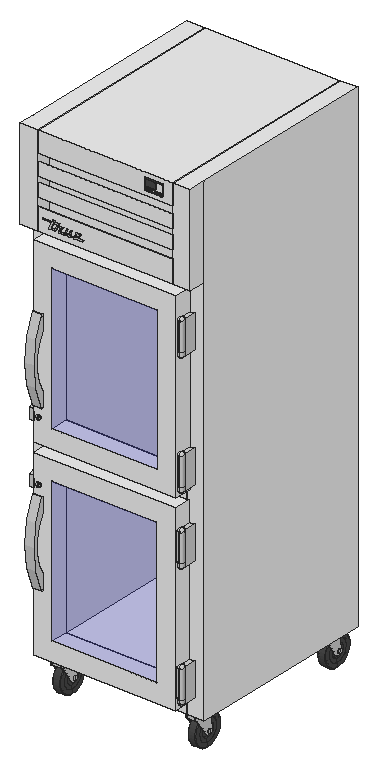
Revit family (continued)
Automatic sketch dimensions
  level to Extrusion 27 sketch curve = 2.59003"
  Extrusion 27 sketch curve to Extrusion 27 sketch curve = 0.59966"  (x2)
  plane 1 "BACK" to Extrusion 27 sketch curve = 3.8577"
  plane 1 "BACK" to Extrusion 27 sketch curve = 1.8585"
  plane 1 "BACK" to Extrusion 27 sketch curve = 1.1077"
  Extrusion 27 sketch curve to Extrusion 27 sketch curve = 0.32905"
  Extrusion 27 sketch curve to Extrusion 27 sketch curve = 0.60485"  (x2)
  Extrusion 28 sketch curve to plane 7 = 0.63926"  (x2)
  Extrusion 28 sketch curve to plane 5 "FRONT" = 3.79864"
  Extrusion 28 sketch curve to Extrusion 28 sketch curve = 1/4"  (x2)
  level to Extrusion 28 sketch curve = 2.18736"  (x2)
  Extrusion 28 sketch curve to Extrusion 28 sketch curve = 1.7492"
  Extrusion 28 sketch curve to Extrusion 28 sketch curve = 0.50669"  (x2)
  Extrusion 28 sketch curve to Extrusion 28 sketch curve = 2 1/2"
  level to Extrusion 28 sketch curve = 2.59003"
  Extrusion 28 sketch curve to Extrusion 28 sketch curve = 0.59966"  (x2)
  plane 1 "BACK" to Extrusion 28 sketch curve = 3.8577"
  plane 1 "BACK" to Extrusion 28 sketch curve = 1.8585"
  plane 1 "BACK" to Extrusion 28 sketch curve = 1.1077"
  Extrusion 28 sketch curve to Extrusion 28 sketch curve = 0.32905"
  Extrusion 28 sketch curve to Extrusion 28 sketch curve = 0.60485"  (x2)
  Revolve 29 sketch curve to plane 7 = 0.62954"
  Revolve 29 sketch curve to plane 4 "RIGHT" = 4.14082"
  Revolve 29 sketch curve to Revolve 29 sketch curve = 1.29707"
  Revolve 29 sketch curve to Revolve 29 sketch curve = 0"
  Revolve 29 sketch curve to Revolve 29 sketch curve = 0.10278"
  Revolve 29 sketch curve to plane 7 = 0.00141"
  plane 7 to Revolve 29 sketch curve = 0.26768"
  Revolve 30 sketch curve to level = 0"
  Revolve 30 sketch curve to plane 7 = 0"
  Revolve 30 sketch curve to plane 4 "RIGHT" = 4.17713"
  level to Revolve 30 sketch curve = 1"
  Revolve 30 sketch curve to plane 4 "RIGHT" = 3 19/32"
  Revolve 30 sketch curve to Revolve 30 sketch curve = 1/4"
  Revolve 30 sketch curve to Revolve 30 sketch curve = 1/2"
  Revolve 30 sketch curve to Revolve 30 sketch curve = 0"
  Revolve 30 sketch curve to Revolve 30 sketch curve = 5/8"
  plane 7 to Revolve 30 sketch curve = 1 25/32"
  Revolve 31 sketch curve to level = 0"
  Revolve 31 sketch curve to plane 7 = 0"
  Revolve 31 sketch curve to plane 4 "RIGHT" = 4.17713"
  level to Revolve 31 sketch curve = 1"
  Revolve 31 sketch curve to plane 4 "RIGHT" = 3 19/32"
  Revolve 31 sketch curve to Revolve 31 sketch curve = 1/4"
  Revolve 31 sketch curve to Revolve 31 sketch curve = 1/2"
  Revolve 31 sketch curve to Revolve 31 sketch curve = 0"
  Revolve 31 sketch curve to Revolve 31 sketch curve = 5/8"
  plane 7 to Revolve 31 sketch curve = 1 25/32"
  Revolve 32 sketch curve to plane 7 = 0.62954"
  Revolve 32 sketch curve to plane 4 "RIGHT" = 4.14082"
  Revolve 32 sketch curve to Revolve 32 sketch curve = 1.29707"
  Revolve 32 sketch curve to Revolve 32 sketch curve = 0"
  Revolve 32 sketch curve to Revolve 32 sketch curve = 0.10278"
  Revolve 32 sketch curve to plane 7 = 0.00141"
  plane 7 to Revolve 32 sketch curve = 0.26768"
  Extrusion 33 sketch curve to plane 7 = 0.63926"  (x2)
  Extrusion 33 sketch curve to plane 5 "FRONT" = 3.79864"
  Extrusion 33 sketch curve to Extrusion 33 sketch curve = 1/4"  (x2)
  Extrusion 33 sketch curve to Extrusion 33 sketch curve = 2 1/2"
  Extrusion 33 sketch curve to plane 7 = 0.93273"  (x2)
  Extrusion 33 sketch curve to Extrusion 33 sketch curve = 0.03603"
  plane 1 "BACK" to Extrusion 33 sketch curve = 3.8577"
  Extrusion 33 sketch curve to plane 7 = 1.24411"
  plane 1 "BACK" to Extrusion 33 sketch curve = 1.1077"
  Revolve 34 sketch curve to plane 4 "RIGHT" = 4.35148"
  Revolve 34 sketch curve to Revolve 34 sketch curve = 0.48273"
  Revolve 34 sketch curve to Revolve 34 sketch curve = 0.4"
  Revolve 34 sketch curve to Revolve 34 sketch curve = 0"  (x2)
  Revolve 34 sketch curve to Revolve 34 sketch curve = 0.1"  (x2)
  Revolve 34 sketch curve to Revolve 34 sketch curve = 0.16101"
  Revolve 34 sketch curve to Revolve 34 sketch curve = 0.75408"
  Revolve 34 sketch curve to Revolve 34 sketch curve = 0.92798"
  Revolve 34 sketch curve to Revolve 34 sketch curve = 0.06101"
  Revolve 34 sketch curve to Revolve 34 sketch curve = 1/2"
  Revolve 34 sketch curve to Revolve 34 sketch curve = 0.16509"
  Revolve 34 sketch curve to Revolve 34 sketch curve = 0.39592"
  level to Revolve 34 sketch curve = 2 1/2"
  Revolve 34 sketch curve to Revolve 34 sketch curve = 0.29941"  (x2)
  Revolve 34 sketch curve to Revolve 34 sketch curve = 3/4"  (x4)
  Revolve 34 sketch curve to Revolve 34 sketch curve = 0.59652"
  Revolve 34 sketch curve to Revolve 34 sketch curve = 0.60059"
  plane 3 "LEFT" to Revolve 35 sketch curve = 1.33602"
  Revolve 35 sketch curve to Revolve 35 sketch curve = 0.48273"
  Revolve 35 sketch curve to plane 8 = 5/8"  (x2)
  Revolve 35 sketch curve to Revolve 35 sketch curve = 0.1"  (x2)
  Revolve 35 sketch curve to Revolve 35 sketch curve = 0.16101"
  plane 8 to Revolve 35 sketch curve = 0.12908"
  plane 8 to Revolve 35 sketch curve = 0.46399"
  plane 8 to Revolve 35 sketch curve = 0.525"
  Revolve 35 sketch curve to Revolve 35 sketch curve = 1/2"
  Revolve 35 sketch curve to Revolve 35 sketch curve = 0.16509"
  Revolve 35 sketch curve to Revolve 35 sketch curve = 0.39592"
  level to Revolve 35 sketch curve = 2 1/2"
  Revolve 35 sketch curve to Revolve 35 sketch curve = 0"
  Revolve 35 sketch curve to Revolve 35 sketch curve = 0.29941"  (x2)
  Revolve 35 sketch curve to Revolve 35 sketch curve = 3/4"  (x4)
  Revolve 35 sketch curve to Revolve 35 sketch curve = 0.59652"
  Revolve 35 sketch curve to Revolve 35 sketch curve = 0.60059"
  Extrusion 36 sketch curve to plane 7 = 0.63926"  (x2)
  Extrusion 36 sketch curve to plane 5 "FRONT" = 3.79864"
  Extrusion 36 sketch curve to Extrusion 36 sketch curve = 1/4"  (x2)
  level to Extrusion 36 sketch curve = 2.18736"  (x2)
  Extrusion 36 sketch curve to Extrusion 36 sketch curve = 1.7492"
  Extrusion 36 sketch curve to Extrusion 36 sketch curve = 0.50669"  (x2)
  Extrusion 36 sketch curve to Extrusion 36 sketch curve = 2 1/2"
  level to Extrusion 36 sketch curve = 2.59003"
  Extrusion 36 sketch curve to Extrusion 36 sketch curve = 0.59966"  (x2)
  plane 1 "BACK" to Extrusion 36 sketch curve = 3.8577"
  plane 1 "BACK" to Extrusion 36 sketch curve = 1.8585"
  plane 1 "BACK" to Extrusion 36 sketch curve = 1.1077"
  Extrusion 36 sketch curve to Extrusion 36 sketch curve = 0.32905"
  Extrusion 36 sketch curve to Extrusion 36 sketch curve = 0.60485"  (x2)
  Extrusion 37 sketch curve to plane 7 = 0.63926"  (x2)
  Extrusion 37 sketch curve to plane 5 "FRONT" = 3.79864"
  Extrusion 37 sketch curve to Extrusion 37 sketch curve = 1/4"  (x2)
  level to Extrusion 37 sketch curve = 2.18736"  (x2)
  Extrusion 37 sketch curve to Extrusion 37 sketch curve = 1.7492"
  Extrusion 37 sketch curve to Extrusion 37 sketch curve = 0.50669"  (x2)
  Extrusion 37 sketch curve to Extrusion 37 sketch curve = 2 1/2"
  level to Extrusion 37 sketch curve = 2.59003"
  Extrusion 37 sketch curve to Extrusion 37 sketch curve = 0.59966"  (x2)
  plane 1 "BACK" to Extrusion 37 sketch curve = 3.8577"
  plane 1 "BACK" to Extrusion 37 sketch curve = 1.8585"
  plane 1 "BACK" to Extrusion 37 sketch curve = 1.1077"
  Extrusion 37 sketch curve to Extrusion 37 sketch curve = 0.32905"
  Extrusion 37 sketch curve to Extrusion 37 sketch curve = 0.60485"  (x2)
  Revolve 38 sketch curve to plane 8 = 0"  (x2)
  Revolve 38 sketch curve to plane 7 = 0.62954"
  Revolve 38 sketch curve to plane 8 = 1.29707"
  Revolve 38 sketch curve to Revolve 38 sketch curve = 0.10278"
  Revolve 38 sketch curve to plane 7 = 0.00141"
  plane 7 to Revolve 38 sketch curve = 0.26768"
  Revolve 39 sketch curve to level = 0"
  Revolve 39 sketch curve to plane 8 = 0"  (x2)
  Revolve 39 sketch curve to plane 8 = 1/2"
  Revolve 39 sketch curve to Revolve 39 sketch curve = 1/4"
  Revolve 39 sketch curve to plane 7 = 0"
  Revolve 39 sketch curve to plane 8 = 1.33338"
  level to Revolve 39 sketch curve = 1"
  Revolve 39 sketch curve to Revolve 39 sketch curve = 5/8"
  plane 7 to Revolve 39 sketch curve = 1 25/32"
  Revolve 40 sketch curve to level = 0"
  Revolve 40 sketch curve to plane 8 = 0"  (x2)
  Revolve 40 sketch curve to plane 8 = 1/2"
  Revolve 40 sketch curve to Revolve 40 sketch curve = 1/4"
  Revolve 40 sketch curve to plane 7 = 0"
  Revolve 40 sketch curve to plane 8 = 1.33338"
  level to Revolve 40 sketch curve = 1"
  Revolve 40 sketch curve to Revolve 40 sketch curve = 5/8"
  plane 7 to Revolve 40 sketch curve = 1 25/32"
  Revolve 41 sketch curve to plane 8 = 0"  (x2)
  Revolve 41 sketch curve to plane 7 = 0.62954"
  Revolve 41 sketch curve to plane 8 = 1.29707"
  Revolve 41 sketch curve to Revolve 41 sketch curve = 0.10278"
  Revolve 41 sketch curve to plane 7 = 0.00141"
  plane 7 to Revolve 41 sketch curve = 0.26768"
  Extrusion 42 sketch curve to plane 7 = 0.63926"  (x2)
  Extrusion 42 sketch curve to plane 5 "FRONT" = 3.79864"
  Extrusion 42 sketch curve to Extrusion 42 sketch curve = 1/4"  (x2)
  Extrusion 42 sketch curve to Extrusion 42 sketch curve = 2 1/2"
  Extrusion 42 sketch curve to plane 7 = 0.93273"  (x2)
  Extrusion 42 sketch curve to Extrusion 42 sketch curve = 0.03603"
  plane 1 "BACK" to Extrusion 42 sketch curve = 3.8577"
  Extrusion 42 sketch curve to plane 7 = 1.24411"
  plane 1 "BACK" to Extrusion 42 sketch curve = 1.1077"
  plane 3 "LEFT" to Revolve 43 sketch curve = 1.33602"
  Revolve 43 sketch curve to Revolve 43 sketch curve = 0.48273"
  Revolve 43 sketch curve to plane 8 = 5/8"  (x2)
  Revolve 43 sketch curve to Revolve 43 sketch curve = 0.1"  (x2)
  Revolve 43 sketch curve to Revolve 43 sketch curve = 0.16101"
  plane 8 to Revolve 43 sketch curve = 0.12908"
  plane 8 to Revolve 43 sketch curve = 0.46399"
  plane 8 to Revolve 43 sketch curve = 0.525"
  Revolve 43 sketch curve to Revolve 43 sketch curve = 1/2"
  Revolve 43 sketch curve to Revolve 43 sketch curve = 0.16509"
  Revolve 43 sketch curve to Revolve 43 sketch curve = 0.39592"
  level to Revolve 43 sketch curve = 2 1/2"
  Revolve 43 sketch curve to Revolve 43 sketch curve = 0"
  Revolve 43 sketch curve to Revolve 43 sketch curve = 0.29941"  (x2)
  Revolve 43 sketch curve to Revolve 43 sketch curve = 3/4"  (x4)
  Revolve 43 sketch curve to Revolve 43 sketch curve = 0.59652"
  Revolve 43 sketch curve to Revolve 43 sketch curve = 0.60059"
  plane 5 "FRONT" to Extrusion 44 sketch curve = 0"
  Extrusion 44 sketch curve to plane 8 = 21/32"
  Extrusion 44 sketch curve to plane 4 "RIGHT" = 2 11/32"
  plane 8 to Extrusion 45 sketch curve = 2 11/32"  (x2)
  Extrusion 45 sketch curve to plane 4 "RIGHT" = 5 3/8"
  Extrusion 45 sketch curve to plane 4 "RIGHT" = 5 9/32"
  plane 7 to Extrusion 45 sketch curve = 4 29/32"
  Extrusion 45 sketch curve to Extrusion 45 sketch curve = 23 7/32"
  Extrusion 45 sketch curve to Extrusion 45 sketch curve = 7 1/2"
  Extrusion 45 sketch curve to plane 6 "TOP" = 19 5/32"
  Extrusion 46 sketch curve to plane 8 = 0"
  Extrusion 46 sketch curve to plane 5 "FRONT" = 5.09023"
  Extrusion 47 sketch curve to plane 8 = 0"
  plane 1 "BACK" to Extrusion 47 sketch curve = 2.69102"
  Extrusion 48 sketch curve to plane 4 "RIGHT" = 2 27/32"
  plane 1 "BACK" to Extrusion 48 sketch curve = 2.69102"
  Extrusion 49 sketch curve to plane 4 "RIGHT" = 2 27/32"
  Extrusion 49 sketch curve to plane 5 "FRONT" = 5.09023"
  plane 5 "FRONT" to Extrusion 50 sketch curve = 0"
  Extrusion 50 sketch curve to plane 8 = 21/32"
  Extrusion 50 sketch curve to plane 4 "RIGHT" = 2 11/32"
  plane 5 "FRONT" to Extrusion 51 sketch curve = 0.2"  (x2)
  plane 5 "FRONT" to Extrusion 51 sketch curve = 0"  (x2)
  Extrusion 51 sketch curve to plane 5 "FRONT" = 7.77899"
  Extrusion 51 sketch curve to Extrusion 51 sketch curve = 7.30945"
  plane 7 to Extrusion 51 sketch curve = 11.69792"
  Extrusion 51 sketch curve to Extrusion 51 sketch curve = 2.4"
  Extrusion 51 sketch curve to Extrusion 51 sketch curve = 4.4"
  Extrusion 51 sketch curve to Extrusion 51 sketch curve = 0"
  plane 8 to Extrusion 52 sketch curve = 0.1984"
  plane 8 to Extrusion 52 sketch curve = 7/32"
  Extrusion 52 sketch curve to Extrusion 52 sketch curve = 0.0555"
  plane 7 to Extrusion 52 sketch curve = 26.53865"
  Extrusion 52 sketch curve to Extrusion 52 sketch curve = 0.27385"
  Extrusion 52 sketch curve to Extrusion 52 sketch curve = 0.29355"
  Blend 53 sketch curve to plane 8 = 21/32"  (x2)
  Blend 53 sketch curve to Blend 53 sketch curve = 3/4"
  plane 7 to Blend 53 sketch curve = 27.75831"
  Blend 53 sketch curve to Blend 53 sketch curve = 1 3/4"
  Blend 53 sketch curve to Blend 53 sketch curve = 0.93223"
  plane 7 to Blend 53 sketch curve = 28.3559"
  Blend 53 sketch curve to Blend 53 sketch curve = 2.78233"
  Extrusion 3 sketch curve to plane 9 = 0"  (x4)
  plane 9 to Extrusion 3 sketch curve = 2.7042"  (x2)
  Extrusion 3 sketch curve to plane 6 "TOP" = 0"
  plane 9 to Extrusion 3 sketch curve = 2.2042"
  Extrusion 3 sketch curve to Extrusion 3 sketch curve = 0"  (x3)
  Extrusion 3 sketch curve to Extrusion 3 sketch curve = 1/2"
  Extrusion 3 sketch curve to Extrusion 3 sketch curve = 1"  (x2)
  plane 1 "BACK" to Extrusion 3 sketch curve = 2"
  plane 1 "BACK" to Extrusion 3 sketch curve = 0"
  Extrusion 3 sketch curve to plane 6 "TOP" = 3.34422"
  Extrusion 3 sketch curve to Extrusion 3 sketch curve = 1.12227"  (x2)
  Extrusion 3 sketch curve to Extrusion 3 sketch curve = 0.445"
  Extrusion 3 sketch curve to Extrusion 3 sketch curve = 2.13371"  (x2)
  Extrusion 3 sketch curve to Extrusion 3 sketch curve = 0.96076"  (x2)
  Extrusion 3 sketch curve to Extrusion 3 sketch curve = 2.0962"  (x2)
  Extrusion 3 sketch curve to Extrusion 3 sketch curve = 1.27557"  (x2)
  Extrusion 3 sketch curve to Extrusion 3 sketch curve = 2 1/8"
  Extrusion 3 sketch curve to Extrusion 3 sketch curve = 2 1/2"  (x2)
  Extrusion 3 sketch curve to Extrusion 3 sketch curve = 27 15/16"
  plane 7 to Extrusion 3 sketch curve = 2 29/32"
  Extrusion 3 sketch curve to plane 7 = 0"
  plane 1 "BACK" to curve 1 = 0"
  curve 1 to plane 3 "LEFT" = 0"
  plane 5 "FRONT" to curve 23 = 0"
  curve 1 to plane 4 "RIGHT" = 0"
  plane 3 "LEFT" to curve 12 = 1.20097"
  plane 3 "LEFT" to curve 8 = 1.20097"
  curve 23 to plane 8 = 21/32"
  curve 25 to curve 23 = 0"
  curve 8 to plane 8 = 11/32"
  curve 13 to plane 8 = 11/32"
  plane 8 to curve 7 = 0.98222"
  plane 1 "BACK" to curve 11 = 0.4208"
  plane 8 to curve 11 = 0.98222"
  plane 8 to curve 24 = 27/32"
  curve 15 to plane 4 "RIGHT" = 5.39157"
  curve 20 to plane 4 "RIGHT" = 5.29782"
  curve 15 to curve 17 = 1.29904"
  curve 19 to curve 20 = 1.29904"
  plane 1 "BACK" to curve 14 = 0.4208"
  curve 14 to plane 4 "RIGHT" = 2.76657"
  curve 19 to plane 4 "RIGHT" = 2.67282"
  curve 22 to plane 4 "RIGHT" = 2 11/32"
  curve 24 to curve 24 = 1.64405"
  curve 26 to curve 25 = 0.2"
  curve 5 to plane 5 "FRONT" = 2 1/4"
  curve 21 to plane 5 "FRONT" = 3.92849"
  curve 5 to curve 9 = 1.78257"
  curve 20 to curve 20 = 3/4"
  curve 8 to curve 7 = 3/4"
  curve 13 to curve 10 = 5.29663"
  curve 16 to curve 14 = 5.29663"
  radius of Extrusion 8 sketch curve = 0.35"
  radius of Extrusion 12 sketch curve = 1/4"
  radius of Extrusion 46 sketch curve = 1 1/2"
  radius of Extrusion 47 sketch curve = 1 1/2"
  radius of Extrusion 48 sketch curve = 1 1/2"
  radius of Extrusion 49 sketch curve = 1 1/2"
  radius of Extrusion 52 sketch curve = 0.35"
Connectors (in)
  electrical at (24.25, -0.0625, 82), driven by "Volts", driven by "Watts"
    settings: on Extrusion 12, index 1, voltage 208 V, apparent load 1500 VA, apparent load phase1 0 VA, apparent load phase2 0 VA, apparent load phase3 0 VA, power factor 1, load classification "Other", number of poles 1, system type 30, power factor state 1, is connector primary yes, connector utility no, sub classification motor no, connector description "Electrical Connection"
